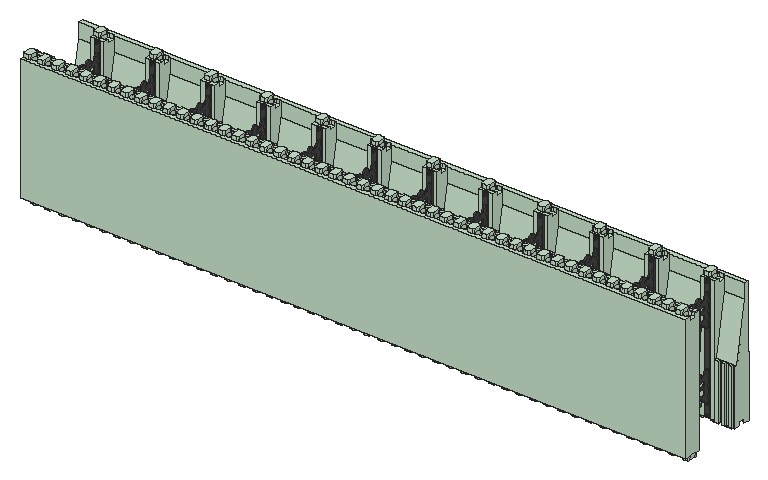
Revit family (continued)
Definition of nested family "6-inch Web"
  Forms (in)
    Extrusion 2, solid, material "Polypropylene- NUDURA"
      sketch origin (0, 0, 0) x (0, 1, 0) y (0, 0, 1)
        loop
          arc (-3.255, 0.12505) -> (-3.2092, 0.14243) -> (-3.19, 0.1875) r 0.0625
          line (-3.19, 0.1875) -> (-3.19, 17.8125)
      from -0.36328 to 0.36328
Definition of nested family "NUDURA Diamond Pattern"
  Reference planes (in)
    plane 1 "Center (Front/Back)": y = 0
    plane 2: z = 0
    plane 3 "Center (Left/Right)": x = 0
    plane 4: z = 18
  Lines and regions (in)
    model lines
      curve 1: line (8, -5.625, 18) -> (8, -5.625, 0)
      curve 2: line (6, -5.625, 18) -> (6, -5.625, 0)
      curve 3: line (2, -5.625, 18) -> (2, -5.625, 0)
      curve 4: line (3.35367, -5.625, 16.98484) -> (3.69709, -5.625, 16.64142)
      curve 5: arc (3.35367, -5.625, 17.51517) -> (3.24384, -5.625, 17.25) -> (3.35367, -5.625, 16.98484) r 0.375
      curve 6: line (3.72867, -5.625, 17.89017) -> (3.35367, -5.625, 17.51517)
      curve 7: arc (4.259, -5.625, 17.89017) -> (3.99384, -5.625, 18) -> (3.72867, -5.625, 17.89017) r 0.375
      curve 8: line (4.634, -5.625, 17.51517) -> (4.259, -5.625, 17.89017)
      curve 9: arc (4.634, -5.625, 16.98484) -> (4.74384, -5.625, 17.25) -> (4.634, -5.625, 17.51517) r 0.375
      curve 10: line (4.29059, -5.625, 16.64142) -> (4.634, -5.625, 16.98484)
      curve 11: arc (4.17062, -5.625, 17.80178) -> (3.99384, -5.625, 17.875) -> (3.81706, -5.625, 17.80178) r 0.25
      curve 12: line (4.54562, -5.625, 17.42678) -> (4.17062, -5.625, 17.80178)
      curve 13: arc (4.54562, -5.625, 17.07322) -> (4.61884, -5.625, 17.25) -> (4.54562, -5.625, 17.42678) r 0.25
      curve 14: line (4.17062, -5.625, 16.69822) -> (4.54562, -5.625, 17.07322)
      curve 15: arc (3.81706, -5.625, 16.69822) -> (3.99384, -5.625, 16.625) -> (4.17062, -5.625, 16.69822) r 0.25
      curve 16: line (3.44206, -5.625, 17.07322) -> (3.81706, -5.625, 16.69822)
      curve 17: arc (3.44206, -5.625, 17.42678) -> (3.36884, -5.625, 17.25) -> (3.44206, -5.625, 17.07322) r 0.25
      curve 18: line (3.81706, -5.625, 17.80178) -> (3.44206, -5.625, 17.42678)
      curve 19: arc (3.69709, -5.625, 16.35858) -> (3.75567, -5.625, 16.5) -> (3.69709, -5.625, 16.64142) r 0.2
      curve 20: line (4.634, -5.625, 16.01517) -> (4.29059, -5.625, 16.35858)
      curve 21: arc (4.634, -5.625, 15.48484) -> (4.74384, -5.625, 15.75) -> (4.634, -5.625, 16.01517) r 0.375
      curve 22: line (4.29059, -5.625, 15.14142) -> (4.634, -5.625, 15.48484)
      curve 23: line (3.35367, -5.625, 15.48484) -> (3.69709, -5.625, 15.14142)
      curve 24: arc (3.35367, -5.625, 16.01517) -> (3.24384, -5.625, 15.75) -> (3.35367, -5.625, 15.48484) r 0.375
      curve 25: line (3.69709, -5.625, 16.35858) -> (3.35367, -5.625, 16.01517)
      curve 26: arc (4.17062, -5.625, 16.30178) -> (3.99384, -5.625, 16.375) -> (3.81706, -5.625, 16.30178) r 0.25
      curve 27: line (3.81706, -5.625, 16.30178) -> (3.44206, -5.625, 15.92678)
      curve 28: arc (3.44206, -5.625, 15.92678) -> (3.36884, -5.625, 15.75) -> (3.44206, -5.625, 15.57322) r 0.25
      curve 29: line (3.44206, -5.625, 15.57322) -> (3.81706, -5.625, 15.19822)
      curve 30: arc (3.81706, -5.625, 15.19822) -> (3.99384, -5.625, 15.125) -> (4.17062, -5.625, 15.19822) r 0.25
      curve 31: line (4.17062, -5.625, 15.19822) -> (4.54562, -5.625, 15.57322)
      curve 32: arc (4.54562, -5.625, 15.57322) -> (4.61884, -5.625, 15.75) -> (4.54562, -5.625, 15.92678) r 0.25
      curve 33: line (4.54562, -5.625, 15.92678) -> (4.17062, -5.625, 16.30178)
      curve 34: arc (3.69709, -5.625, 14.85858) -> (3.75567, -5.625, 15) -> (3.69709, -5.625, 15.14142) r 0.2
      curve 35: line (4.634, -5.625, 14.51517) -> (4.29059, -5.625, 14.85858)
      curve 36: arc (4.634, -5.625, 13.98484) -> (4.74384, -5.625, 14.25) -> (4.634, -5.625, 14.51517) r 0.375
      curve 37: line (4.29059, -5.625, 13.64142) -> (4.634, -5.625, 13.98484)
      curve 38: line (3.35367, -5.625, 13.98484) -> (3.69709, -5.625, 13.64142)
      curve 39: arc (3.35367, -5.625, 14.51517) -> (3.24384, -5.625, 14.25) -> (3.35367, -5.625, 13.98484) r 0.375
      curve 40: line (3.69709, -5.625, 14.85858) -> (3.35367, -5.625, 14.51517)
      curve 41: arc (4.17062, -5.625, 14.80178) -> (3.99384, -5.625, 14.875) -> (3.81706, -5.625, 14.80178) r 0.25
      curve 42: line (3.81706, -5.625, 14.80178) -> (3.44206, -5.625, 14.42678)
      curve 43: arc (3.44206, -5.625, 14.42678) -> (3.36884, -5.625, 14.25) -> (3.44206, -5.625, 14.07322) r 0.25
      curve 44: line (3.44206, -5.625, 14.07322) -> (3.81706, -5.625, 13.69822)
      curve 45: arc (3.81706, -5.625, 13.69822) -> (3.99384, -5.625, 13.625) -> (4.17062, -5.625, 13.69822) r 0.25
      curve 46: line (4.17062, -5.625, 13.69822) -> (4.54562, -5.625, 14.07322)
      curve 47: arc (4.54562, -5.625, 14.07322) -> (4.61884, -5.625, 14.25) -> (4.54562, -5.625, 14.42678) r 0.25
      curve 48: line (4.54562, -5.625, 14.42678) -> (4.17062, -5.625, 14.80178)
      curve 49: arc (3.69709, -5.625, 13.35858) -> (3.75567, -5.625, 13.5) -> (3.69709, -5.625, 13.64142) r 0.2
      curve 50: line (4.634, -5.625, 13.01517) -> (4.29059, -5.625, 13.35858)
      curve 51: arc (4.634, -5.625, 12.48484) -> (4.74384, -5.625, 12.75) -> (4.634, -5.625, 13.01517) r 0.375
      curve 52: line (4.29059, -5.625, 12.14142) -> (4.634, -5.625, 12.48484)
      curve 53: line (3.35367, -5.625, 12.48484) -> (3.69709, -5.625, 12.14142)
      curve 54: arc (3.35367, -5.625, 13.01517) -> (3.24384, -5.625, 12.75) -> (3.35367, -5.625, 12.48484) r 0.375
      curve 55: line (3.69709, -5.625, 13.35858) -> (3.35367, -5.625, 13.01517)
      curve 56: arc (4.17062, -5.625, 13.30178) -> (3.99384, -5.625, 13.375) -> (3.81706, -5.625, 13.30178) r 0.25
      curve 57: line (3.81706, -5.625, 13.30178) -> (3.44206, -5.625, 12.92678)
      curve 58: arc (3.44206, -5.625, 12.92678) -> (3.36884, -5.625, 12.75) -> (3.44206, -5.625, 12.57322) r 0.25
      curve 59: line (3.44206, -5.625, 12.57322) -> (3.81706, -5.625, 12.19822)
      curve 60: arc (3.81706, -5.625, 12.19822) -> (3.99384, -5.625, 12.125) -> (4.17062, -5.625, 12.19822) r 0.25
      curve 61: line (4.17062, -5.625, 12.19822) -> (4.54562, -5.625, 12.57322)
      curve 62: arc (4.54562, -5.625, 12.57322) -> (4.61884, -5.625, 12.75) -> (4.54562, -5.625, 12.92678) r 0.25
      curve 63: line (4.54562, -5.625, 12.92678) -> (4.17062, -5.625, 13.30178)
      curve 64: arc (3.69709, -5.625, 11.85858) -> (3.75567, -5.625, 12) -> (3.69709, -5.625, 12.14142) r 0.2
      curve 65: line (4.634, -5.625, 11.51517) -> (4.29059, -5.625, 11.85858)
      curve 66: arc (4.634, -5.625, 10.98484) -> (4.74384, -5.625, 11.25) -> (4.634, -5.625, 11.51517) r 0.375
      curve 67: line (4.29059, -5.625, 10.64142) -> (4.634, -5.625, 10.98484)
      curve 68: line (3.35367, -5.625, 10.98484) -> (3.69709, -5.625, 10.64142)
      curve 69: arc (3.35367, -5.625, 11.51517) -> (3.24384, -5.625, 11.25) -> (3.35367, -5.625, 10.98484) r 0.375
      curve 70: line (3.69709, -5.625, 11.85858) -> (3.35367, -5.625, 11.51517)
      curve 71: arc (4.17062, -5.625, 11.80178) -> (3.99384, -5.625, 11.875) -> (3.81706, -5.625, 11.80178) r 0.25
      curve 72: line (3.81706, -5.625, 11.80178) -> (3.44206, -5.625, 11.42678)
      curve 73: arc (3.44206, -5.625, 11.42678) -> (3.36884, -5.625, 11.25) -> (3.44206, -5.625, 11.07322) r 0.25
      curve 74: line (3.44206, -5.625, 11.07322) -> (3.81706, -5.625, 10.69822)
      curve 75: arc (3.81706, -5.625, 10.69822) -> (3.99384, -5.625, 10.625) -> (4.17062, -5.625, 10.69822) r 0.25
      curve 76: line (4.17062, -5.625, 10.69822) -> (4.54562, -5.625, 11.07322)
      curve 77: arc (4.54562, -5.625, 11.07322) -> (4.61884, -5.625, 11.25) -> (4.54562, -5.625, 11.42678) r 0.25
      curve 78: line (4.54562, -5.625, 11.42678) -> (4.17062, -5.625, 11.80178)
      curve 79: arc (3.69709, -5.625, 10.35858) -> (3.75567, -5.625, 10.5) -> (3.69709, -5.625, 10.64142) r 0.2
      curve 80: line (4.634, -5.625, 10.01517) -> (4.29059, -5.625, 10.35858)
      curve 81: arc (4.634, -5.625, 9.48484) -> (4.74384, -5.625, 9.75) -> (4.634, -5.625, 10.01517) r 0.375
      curve 82: line (4.29059, -5.625, 9.14142) -> (4.634, -5.625, 9.48484)
      curve 83: line (3.35367, -5.625, 9.48484) -> (3.69709, -5.625, 9.14142)
      curve 84: arc (3.35367, -5.625, 10.01517) -> (3.24384, -5.625, 9.75) -> (3.35367, -5.625, 9.48484) r 0.375
      curve 85: line (3.69709, -5.625, 10.35858) -> (3.35367, -5.625, 10.01517)
      curve 86: arc (4.17062, -5.625, 10.30178) -> (3.99384, -5.625, 10.375) -> (3.81706, -5.625, 10.30178) r 0.25
      curve 87: line (3.81706, -5.625, 10.30178) -> (3.44206, -5.625, 9.92678)
      curve 88: arc (3.44206, -5.625, 9.92678) -> (3.36884, -5.625, 9.75) -> (3.44206, -5.625, 9.57322) r 0.25
      curve 89: line (3.44206, -5.625, 9.57322) -> (3.81706, -5.625, 9.19822)
      curve 90: arc (3.81706, -5.625, 9.19822) -> (3.99384, -5.625, 9.125) -> (4.17062, -5.625, 9.19822) r 0.25
      curve 91: line (4.17062, -5.625, 9.19822) -> (4.54562, -5.625, 9.57322)
      curve 92: arc (4.54562, -5.625, 9.57322) -> (4.61884, -5.625, 9.75) -> (4.54562, -5.625, 9.92678) r 0.25
      curve 93: line (4.54562, -5.625, 9.92678) -> (4.17062, -5.625, 10.30178)
      curve 94: arc (3.69709, -5.625, 8.85858) -> (3.75567, -5.625, 9) -> (3.69709, -5.625, 9.14142) r 0.2
      curve 95: line (4.634, -5.625, 8.51517) -> (4.29059, -5.625, 8.85858)
      curve 96: arc (4.634, -5.625, 7.98484) -> (4.74384, -5.625, 8.25) -> (4.634, -5.625, 8.51517) r 0.375
      curve 97: line (4.29059, -5.625, 7.64142) -> (4.634, -5.625, 7.98484)
      curve 98: line (3.35367, -5.625, 7.98484) -> (3.69709, -5.625, 7.64142)
      curve 99: arc (3.35367, -5.625, 8.51517) -> (3.24384, -5.625, 8.25) -> (3.35367, -5.625, 7.98484) r 0.375
      curve 100: line (3.69709, -5.625, 8.85858) -> (3.35367, -5.625, 8.51517)
      curve 101: arc (4.17062, -5.625, 8.80178) -> (3.99384, -5.625, 8.875) -> (3.81706, -5.625, 8.80178) r 0.25
      curve 102: line (3.81706, -5.625, 8.80178) -> (3.44206, -5.625, 8.42678)
      curve 103: arc (3.44206, -5.625, 8.42678) -> (3.36884, -5.625, 8.25) -> (3.44206, -5.625, 8.07322) r 0.25
      curve 104: line (3.44206, -5.625, 8.07322) -> (3.81706, -5.625, 7.69822)
      curve 105: arc (3.81706, -5.625, 7.69822) -> (3.99384, -5.625, 7.625) -> (4.17062, -5.625, 7.69822) r 0.25
      curve 106: line (4.17062, -5.625, 7.69822) -> (4.54562, -5.625, 8.07322)
      curve 107: arc (4.54562, -5.625, 8.07322) -> (4.61884, -5.625, 8.25) -> (4.54562, -5.625, 8.42678) r 0.25
      curve 108: line (4.54562, -5.625, 8.42678) -> (4.17062, -5.625, 8.80178)
      curve 109: arc (3.69709, -5.625, 7.35858) -> (3.75567, -5.625, 7.5) -> (3.69709, -5.625, 7.64142) r 0.2
      curve 110: line (4.634, -5.625, 7.01517) -> (4.29059, -5.625, 7.35858)
      curve 111: arc (4.634, -5.625, 6.48484) -> (4.74384, -5.625, 6.75) -> (4.634, -5.625, 7.01517) r 0.375
      curve 112: line (4.29059, -5.625, 6.14142) -> (4.634, -5.625, 6.48484)
      curve 113: line (3.35367, -5.625, 6.48484) -> (3.69709, -5.625, 6.14142)
      curve 114: arc (3.35367, -5.625, 7.01517) -> (3.24384, -5.625, 6.75) -> (3.35367, -5.625, 6.48484) r 0.375
      curve 115: line (3.69709, -5.625, 7.35858) -> (3.35367, -5.625, 7.01517)
      curve 116: arc (4.17062, -5.625, 7.30178) -> (3.99384, -5.625, 7.375) -> (3.81706, -5.625, 7.30178) r 0.25
      curve 117: line (3.81706, -5.625, 7.30178) -> (3.44206, -5.625, 6.92678)
      curve 118: arc (3.44206, -5.625, 6.92678) -> (3.36884, -5.625, 6.75) -> (3.44206, -5.625, 6.57322) r 0.25
      curve 119: line (3.44206, -5.625, 6.57322) -> (3.81706, -5.625, 6.19822)
      curve 120: arc (3.81706, -5.625, 6.19822) -> (3.99384, -5.625, 6.125) -> (4.17062, -5.625, 6.19822) r 0.25
      curve 121: line (4.17062, -5.625, 6.19822) -> (4.54562, -5.625, 6.57322)
      curve 122: arc (4.54562, -5.625, 6.57322) -> (4.61884, -5.625, 6.75) -> (4.54562, -5.625, 6.92678) r 0.25
      curve 123: line (4.54562, -5.625, 6.92678) -> (4.17062, -5.625, 7.30178)
      curve 124: arc (3.69709, -5.625, 5.85858) -> (3.75567, -5.625, 6) -> (3.69709, -5.625, 6.14142) r 0.2
      curve 125: line (4.634, -5.625, 5.51517) -> (4.29059, -5.625, 5.85858)
      curve 126: arc (4.634, -5.625, 4.98484) -> (4.74384, -5.625, 5.25) -> (4.634, -5.625, 5.51517) r 0.375
      curve 127: line (4.29059, -5.625, 4.64142) -> (4.634, -5.625, 4.98484)
      curve 128: line (3.35367, -5.625, 4.98484) -> (3.69709, -5.625, 4.64142)
      curve 129: arc (3.35367, -5.625, 5.51517) -> (3.24384, -5.625, 5.25) -> (3.35367, -5.625, 4.98484) r 0.375
      curve 130: line (3.69709, -5.625, 5.85858) -> (3.35367, -5.625, 5.51517)
      curve 131: arc (4.17062, -5.625, 5.80178) -> (3.99384, -5.625, 5.875) -> (3.81706, -5.625, 5.80178) r 0.25
      curve 132: line (3.81706, -5.625, 5.80178) -> (3.44206, -5.625, 5.42678)
      curve 133: arc (3.44206, -5.625, 5.42678) -> (3.36884, -5.625, 5.25) -> (3.44206, -5.625, 5.07322) r 0.25
      curve 134: line (3.44206, -5.625, 5.07322) -> (3.81706, -5.625, 4.69822)
      curve 135: arc (3.81706, -5.625, 4.69822) -> (3.99384, -5.625, 4.625) -> (4.17062, -5.625, 4.69822) r 0.25
      curve 136: line (4.17062, -5.625, 4.69822) -> (4.54562, -5.625, 5.07322)
      curve 137: arc (4.54562, -5.625, 5.07322) -> (4.61884, -5.625, 5.25) -> (4.54562, -5.625, 5.42678) r 0.25
      curve 138: line (4.54562, -5.625, 5.42678) -> (4.17062, -5.625, 5.80178)
      curve 139: arc (3.69709, -5.625, 4.35858) -> (3.75567, -5.625, 4.5) -> (3.69709, -5.625, 4.64142) r 0.2
      curve 140: line (4.634, -5.625, 4.01517) -> (4.29059, -5.625, 4.35858)
      curve 141: arc (4.634, -5.625, 3.48484) -> (4.74384, -5.625, 3.75) -> (4.634, -5.625, 4.01517) r 0.375
      curve 142: line (4.29059, -5.625, 3.14142) -> (4.634, -5.625, 3.48484)
      curve 143: line (3.35367, -5.625, 3.48484) -> (3.69709, -5.625, 3.14142)
      curve 144: arc (3.35367, -5.625, 4.01517) -> (3.24384, -5.625, 3.75) -> (3.35367, -5.625, 3.48484) r 0.375
      curve 145: line (3.69709, -5.625, 4.35858) -> (3.35367, -5.625, 4.01517)
      curve 146: arc (4.17062, -5.625, 4.30178) -> (3.99384, -5.625, 4.375) -> (3.81706, -5.625, 4.30178) r 0.25
      curve 147: line (3.81706, -5.625, 4.30178) -> (3.44206, -5.625, 3.92678)
      curve 148: arc (3.44206, -5.625, 3.92678) -> (3.36884, -5.625, 3.75) -> (3.44206, -5.625, 3.57322) r 0.25
      curve 149: line (3.44206, -5.625, 3.57322) -> (3.81706, -5.625, 3.19822)
      curve 150: arc (3.81706, -5.625, 3.19822) -> (3.99384, -5.625, 3.125) -> (4.17062, -5.625, 3.19822) r 0.25
      curve 151: line (4.17062, -5.625, 3.19822) -> (4.54562, -5.625, 3.57322)
      curve 152: arc (4.54562, -5.625, 3.57322) -> (4.61884, -5.625, 3.75) -> (4.54562, -5.625, 3.92678) r 0.25
      curve 153: line (4.54562, -5.625, 3.92678) -> (4.17062, -5.625, 4.30178)
      curve 154: arc (3.69709, -5.625, 2.85858) -> (3.75567, -5.625, 3) -> (3.69709, -5.625, 3.14142) r 0.2
      curve 155: line (4.634, -5.625, 2.51517) -> (4.29059, -5.625, 2.85858)
      curve 156: arc (4.634, -5.625, 1.98484) -> (4.74384, -5.625, 2.25) -> (4.634, -5.625, 2.51517) r 0.375
      curve 157: line (4.29059, -5.625, 1.64142) -> (4.634, -5.625, 1.98484)
      curve 158: line (3.35367, -5.625, 1.98484) -> (3.69709, -5.625, 1.64142)
      curve 159: arc (3.35367, -5.625, 2.51517) -> (3.24384, -5.625, 2.25) -> (3.35367, -5.625, 1.98484) r 0.375
      curve 160: line (3.69709, -5.625, 2.85858) -> (3.35367, -5.625, 2.51517)
      curve 161: arc (4.17062, -5.625, 2.80178) -> (3.99384, -5.625, 2.875) -> (3.81706, -5.625, 2.80178) r 0.25
      curve 162: line (3.81706, -5.625, 2.80178) -> (3.44206, -5.625, 2.42678)
      curve 163: arc (3.44206, -5.625, 2.42678) -> (3.36884, -5.625, 2.25) -> (3.44206, -5.625, 2.07322) r 0.25
      curve 164: line (3.44206, -5.625, 2.07322) -> (3.81706, -5.625, 1.69822)
      curve 165: arc (3.81706, -5.625, 1.69822) -> (3.99384, -5.625, 1.625) -> (4.17062, -5.625, 1.69822) r 0.25
      curve 166: line (4.17062, -5.625, 1.69822) -> (4.54562, -5.625, 2.07322)
      curve 167: arc (4.54562, -5.625, 2.07322) -> (4.61884, -5.625, 2.25) -> (4.54562, -5.625, 2.42678) r 0.25
      curve 168: line (4.54562, -5.625, 2.42678) -> (4.17062, -5.625, 2.80178)
      curve 169: arc (3.69709, -5.625, 1.35858) -> (3.75567, -5.625, 1.5) -> (3.69709, -5.625, 1.64142) r 0.2
      curve 170: line (3.69709, -5.625, 1.35858) -> (3.35367, -5.625, 1.01517)
      curve 171: arc (3.35367, -5.625, 1.01517) -> (3.24384, -5.625, 0.75) -> (3.35367, -5.625, 0.48484) r 0.375
      curve 172: line (3.35367, -5.625, 0.48484) -> (3.72867, -5.625, 0.10984)
      curve 173: arc (3.72867, -5.625, 0.10984) -> (3.99384, -5.625, 0) -> (4.259, -5.625, 0.10984) r 0.375
      curve 174: line (4.259, -5.625, 0.10984) -> (4.634, -5.625, 0.48484)
      curve 175: arc (4.634, -5.625, 0.48484) -> (4.74384, -5.625, 0.75) -> (4.634, -5.625, 1.01517) r 0.375
      curve 176: line (4.634, -5.625, 1.01517) -> (4.29059, -5.625, 1.35858)
      curve 177: arc (4.29059, -5.625, 1.64142) -> (4.23201, -5.625, 1.5) -> (4.29059, -5.625, 1.35858) r 0.2
      curve 178: arc (4.17062, -5.625, 1.30178) -> (3.99384, -5.625, 1.375) -> (3.81706, -5.625, 1.30178) r 0.25
      curve 179: line (4.54562, -5.625, 0.92678) -> (4.17062, -5.625, 1.30178)
      curve 180: arc (4.54562, -5.625, 0.57322) -> (4.61884, -5.625, 0.75) -> (4.54562, -5.625, 0.92678) r 0.25
      curve 181: line (4.17062, -5.625, 0.19822) -> (4.54562, -5.625, 0.57322)
      curve 182: arc (3.81706, -5.625, 0.19822) -> (3.99384, -5.625, 0.125) -> (4.17062, -5.625, 0.19822) r 0.25
      curve 183: line (3.44206, -5.625, 0.57322) -> (3.81706, -5.625, 0.19822)
      curve 184: arc (3.44206, -5.625, 0.92678) -> (3.36884, -5.625, 0.75) -> (3.44206, -5.625, 0.57322) r 0.25
      curve 185: line (3.81706, -5.625, 1.30178) -> (3.44206, -5.625, 0.92678)
      curve 186: arc (4.29059, -5.625, 3.14142) -> (4.23201, -5.625, 3) -> (4.29059, -5.625, 2.85858) r 0.2
      curve 187: arc (4.29059, -5.625, 4.64142) -> (4.23201, -5.625, 4.5) -> (4.29059, -5.625, 4.35858) r 0.2
      curve 188: arc (4.29059, -5.625, 6.14142) -> (4.23201, -5.625, 6) -> (4.29059, -5.625, 5.85858) r 0.2
      curve 189: arc (4.29059, -5.625, 7.64142) -> (4.23201, -5.625, 7.5) -> (4.29059, -5.625, 7.35858) r 0.2
      curve 190: arc (4.29059, -5.625, 9.14142) -> (4.23201, -5.625, 9) -> (4.29059, -5.625, 8.85858) r 0.2
      curve 191: arc (4.29059, -5.625, 10.64142) -> (4.23201, -5.625, 10.5) -> (4.29059, -5.625, 10.35858) r 0.2
      curve 192: arc (4.29059, -5.625, 12.14142) -> (4.23201, -5.625, 12) -> (4.29059, -5.625, 11.85858) r 0.2
      curve 193: arc (4.29059, -5.625, 13.64142) -> (4.23201, -5.625, 13.5) -> (4.29059, -5.625, 13.35858) r 0.2
      curve 194: arc (4.29059, -5.625, 15.14142) -> (4.23201, -5.625, 15) -> (4.29059, -5.625, 14.85858) r 0.2
      curve 195: arc (4.29059, -5.625, 16.64142) -> (4.23201, -5.625, 16.5) -> (4.29059, -5.625, 16.35858) r 0.2
Definition of nested family "NUDURA Logo Diamond"
  Reference planes (in)
    plane 1 "Center (Front/Back)": y = 0
    plane 2: z = 0
    plane 3 "Center (Left/Right)": x = 0
  Lines and regions (in)
    model lines
      curve 1: line (12.59848, 0, 17.50104) -> (12.24492, 0, 17.85459)
      curve 2: line (12.36113, 0, 16.76872) -> (12.59848, 0, 17.00607)
      curve 3: line (12.59848, 0, 16.00104) -> (12.36113, 0, 16.23839)
      curve 4: line (12.36113, 0, 15.26872) -> (12.59848, 0, 15.50607)
      curve 5: line (12.59848, 0, 14.50104) -> (12.36113, 0, 14.73839)
      curve 6: line (12.36113, 0, 13.76872) -> (12.59848, 0, 14.00607)
      curve 7: line (12.17421, 0, 13.28388) -> (12.71208, 0, 12.74602)
      curve 8: line (12.71208, 0, 12.74602) -> (12.78279, 0, 12.81673)
      curve 9: line (11.28279, 0, 12.74602) -> (11.82066, 0, 13.28388)
      curve 10: line (11.63374, 0, 13.23839) -> (11.21208, 0, 12.81673)
      curve 11: line (11.3964, 0, 14.00607) -> (11.63374, 0, 13.76872)
      curve 12: line (11.63374, 0, 14.73839) -> (11.3964, 0, 14.50104)
      curve 13: line (11.3964, 0, 15.50607) -> (11.63374, 0, 15.26872)
      curve 14: line (11.63374, 0, 16.23839) -> (11.3964, 0, 16.00104)
      curve 15: line (11.3964, 0, 17.00607) -> (11.63374, 0, 16.76872)
      curve 16: line (11.74995, 0, 17.85459) -> (11.3964, 0, 17.50104)
      curve 17: line (11.82066, 0, 17.78388) -> (11.46711, 0, 17.43033)
      curve 18: line (12.52777, 0, 17.43033) -> (12.17421, 0, 17.78388)
      curve 19: line (12.17421, 0, 16.72322) -> (12.52777, 0, 17.07678)
      curve 20: line (11.46711, 0, 17.07678) -> (11.82066, 0, 16.72322)
      curve 21: arc (11.3964, 0, 17.50104) -> (11.29388, 0, 17.25355) -> (11.3964, 0, 17.00607) r 0.35
      curve 22: arc (11.74995, 0, 17.85459) -> (11.99744, 0, 17.95711) -> (12.24492, 0, 17.85459) r 0.35
      curve 23: arc (11.46711, 0, 17.43033) -> (11.39388, 0, 17.25355) -> (11.46711, 0, 17.07678) r 0.25
      curve 24: arc (12.52777, 0, 17.43033) -> (12.60099, 0, 17.25355) -> (12.52777, 0, 17.07678) r 0.25
      curve 25: arc (12.17421, 0, 16.72322) -> (11.99744, 0, 16.65) -> (11.82066, 0, 16.72322) r 0.25
      curve 26: arc (11.82066, 0, 17.78388) -> (11.99744, 0, 17.85711) -> (12.17421, 0, 17.78388) r 0.25
      curve 27: arc (12.59848, 0, 17.50104) -> (12.70099, 0, 17.25355) -> (12.59848, 0, 17.00607) r 0.35
      curve 28: arc (11.63374, 0, 16.76872) -> (11.74358, 0, 16.50355) -> (11.63374, 0, 16.23839) r 0.375
      curve 29: arc (12.36113, 0, 16.76872) -> (12.2513, 0, 16.50355) -> (12.36113, 0, 16.23839) r 0.375
      curve 30: line (12.36113, 0, 15.26872) -> (12.59848, 0, 15.50607)
      curve 31: line (11.3964, 0, 15.50607) -> (11.63374, 0, 15.26872)
      curve 32: line (11.82066, 0, 16.28388) -> (11.46711, 0, 15.93033)
      curve 33: line (12.52777, 0, 15.93033) -> (12.17421, 0, 16.28388)
      curve 34: line (12.17421, 0, 15.22322) -> (12.52777, 0, 15.57678)
      curve 35: line (11.46711, 0, 15.57678) -> (11.82066, 0, 15.22322)
      curve 36: arc (11.3964, 0, 16.00104) -> (11.29388, 0, 15.75355) -> (11.3964, 0, 15.50607) r 0.35
      curve 37: arc (11.46711, 0, 15.93033) -> (11.39388, 0, 15.75355) -> (11.46711, 0, 15.57678) r 0.25
      curve 38: arc (12.52777, 0, 15.93033) -> (12.60099, 0, 15.75355) -> (12.52777, 0, 15.57678) r 0.25
      curve 39: arc (12.17421, 0, 15.22322) -> (11.99744, 0, 15.15) -> (11.82066, 0, 15.22322) r 0.25
      curve 40: arc (11.82066, 0, 16.28388) -> (11.99744, 0, 16.35711) -> (12.17421, 0, 16.28388) r 0.25
      curve 41: arc (12.59848, 0, 16.00104) -> (12.70099, 0, 15.75355) -> (12.59848, 0, 15.50607) r 0.35
      curve 42: line (11.63374, 0, 16.23839) -> (11.3964, 0, 16.00104)
      curve 43: line (12.59848, 0, 16.00104) -> (12.36113, 0, 16.23839)
      curve 44: arc (11.63374, 0, 15.26872) -> (11.74358, 0, 15.00355) -> (11.63374, 0, 14.73839) r 0.375
      curve 45: arc (12.36113, 0, 15.26872) -> (12.2513, 0, 15.00355) -> (12.36113, 0, 14.73839) r 0.375
      curve 46: line (12.36113, 0, 13.76872) -> (12.59848, 0, 14.00607)
      curve 47: line (11.3964, 0, 14.00607) -> (11.63374, 0, 13.76872)
      curve 48: line (11.82066, 0, 14.78388) -> (11.46711, 0, 14.43033)
      curve 49: line (12.52777, 0, 14.43033) -> (12.17421, 0, 14.78388)
      curve 50: line (12.17421, 0, 13.72322) -> (12.52777, 0, 14.07678)
      curve 51: line (11.46711, 0, 14.07678) -> (11.82066, 0, 13.72322)
      curve 52: arc (11.3964, 0, 14.50104) -> (11.29388, 0, 14.25355) -> (11.3964, 0, 14.00607) r 0.35
      curve 53: arc (11.46711, 0, 14.43033) -> (11.39388, 0, 14.25355) -> (11.46711, 0, 14.07678) r 0.25
      curve 54: arc (12.52777, 0, 14.43033) -> (12.60099, 0, 14.25355) -> (12.52777, 0, 14.07678) r 0.25
      curve 55: arc (12.17421, 0, 13.72322) -> (11.99744, 0, 13.65) -> (11.82066, 0, 13.72322) r 0.25
      curve 56: arc (11.82066, 0, 14.78388) -> (11.99744, 0, 14.85711) -> (12.17421, 0, 14.78388) r 0.25
      curve 57: arc (12.59848, 0, 14.50104) -> (12.70099, 0, 14.25355) -> (12.59848, 0, 14.00607) r 0.35
      curve 58: line (11.63374, 0, 14.73839) -> (11.3964, 0, 14.50104)
      curve 59: arc (11.63374, 0, 13.76872) -> (11.74358, 0, 13.50355) -> (11.63374, 0, 13.23839) r 0.375
      curve 60: arc (12.36113, 0, 13.76872) -> (12.2513, 0, 13.50355) -> (12.36113, 0, 13.23839) r 0.375
      curve 61: line (12.78279, 0, 12.81673) -> (12.36113, 0, 13.23839)
      curve 62: line (11.21208, 0, 12.81673) -> (11.28279, 0, 12.74602)
      curve 63: arc (11.82066, 0, 13.28388) -> (11.99744, 0, 13.35711) -> (12.17421, 0, 13.28388) r 0.25
      curve 64: line (12.59848, 0, 0.50607) -> (12.24492, 0, 0.15251)
      curve 65: line (12.36113, 0, 1.23839) -> (12.59848, 0, 1.00104)
      curve 66: line (12.59848, 0, 2.00607) -> (12.36113, 0, 1.76872)
      curve 67: line (12.36113, 0, 2.73839) -> (12.59848, 0, 2.50104)
      curve 68: line (12.59848, 0, 3.50607) -> (12.36113, 0, 3.26872)
      curve 69: line (12.36113, 0, 4.23839) -> (12.59848, 0, 4.00104)
      curve 70: line (12.17421, 0, 4.72322) -> (12.71208, 0, 5.26109)
      curve 71: line (12.71208, 0, 5.26109) -> (12.78279, 0, 5.19038)
      curve 72: line (11.28279, 0, 5.26109) -> (11.82066, 0, 4.72322)
      curve 73: line (11.63374, 0, 4.76872) -> (11.21208, 0, 5.19038)
      curve 74: line (11.3964, 0, 4.00104) -> (11.63374, 0, 4.23839)
      curve 75: line (11.63374, 0, 3.26872) -> (11.3964, 0, 3.50607)
      curve 76: line (11.3964, 0, 2.50104) -> (11.63374, 0, 2.73839)
      curve 77: line (11.63374, 0, 1.76872) -> (11.3964, 0, 2.00607)
      curve 78: line (11.3964, 0, 1.00104) -> (11.63374, 0, 1.23839)
      curve 79: line (11.74995, 0, 0.15251) -> (11.3964, 0, 0.50607)
      curve 80: line (11.82066, 0, 0.22322) -> (11.46711, 0, 0.57678)
      curve 81: line (12.52777, 0, 0.57678) -> (12.17421, 0, 0.22322)
      curve 82: line (12.17421, 0, 1.28388) -> (12.52777, 0, 0.93033)
      curve 83: line (11.46711, 0, 0.93033) -> (11.82066, 0, 1.28388)
      curve 84: arc (11.3964, 0, 0.50607) -> (11.29388, 0, 0.75355) -> (11.3964, 0, 1.00104) r 0.35
      curve 85: arc (11.74995, 0, 0.15251) -> (11.99744, 0, 0.05) -> (12.24492, 0, 0.15251) r 0.35
      curve 86: arc (11.46711, 0, 0.57678) -> (11.39388, 0, 0.75355) -> (11.46711, 0, 0.93033) r 0.25
      curve 87: arc (12.52777, 0, 0.57678) -> (12.60099, 0, 0.75355) -> (12.52777, 0, 0.93033) r 0.25
      curve 88: arc (12.17421, 0, 1.28388) -> (11.99744, 0, 1.35711) -> (11.82066, 0, 1.28388) r 0.25
      curve 89: arc (11.82066, 0, 0.22322) -> (11.99744, 0, 0.15) -> (12.17421, 0, 0.22322) r 0.25
      curve 90: arc (12.59848, 0, 0.50607) -> (12.70099, 0, 0.75355) -> (12.59848, 0, 1.00104) r 0.35
      curve 91: arc (11.63374, 0, 1.23839) -> (11.74358, 0, 1.50355) -> (11.63374, 0, 1.76872) r 0.375
      curve 92: arc (12.36113, 0, 1.23839) -> (12.2513, 0, 1.50355) -> (12.36113, 0, 1.76872) r 0.375
      curve 93: line (12.36113, 0, 2.73839) -> (12.59848, 0, 2.50104)
      curve 94: line (11.3964, 0, 2.50104) -> (11.63374, 0, 2.73839)
      curve 95: line (11.82066, 0, 1.72322) -> (11.46711, 0, 2.07678)
      curve 96: line (12.52777, 0, 2.07678) -> (12.17421, 0, 1.72322)
      curve 97: line (12.17421, 0, 2.78388) -> (12.52777, 0, 2.43033)
      curve 98: line (11.46711, 0, 2.43033) -> (11.82066, 0, 2.78388)
      curve 99: arc (11.3964, 0, 2.00607) -> (11.29388, 0, 2.25355) -> (11.3964, 0, 2.50104) r 0.35
      curve 100: arc (11.46711, 0, 2.07678) -> (11.39388, 0, 2.25355) -> (11.46711, 0, 2.43033) r 0.25
      curve 101: arc (12.52777, 0, 2.07678) -> (12.60099, 0, 2.25355) -> (12.52777, 0, 2.43033) r 0.25
      curve 102: arc (12.17421, 0, 2.78388) -> (11.99744, 0, 2.85711) -> (11.82066, 0, 2.78388) r 0.25
      curve 103: arc (11.82066, 0, 1.72322) -> (11.99744, 0, 1.65) -> (12.17421, 0, 1.72322) r 0.25
      curve 104: arc (12.59848, 0, 2.00607) -> (12.70099, 0, 2.25355) -> (12.59848, 0, 2.50104) r 0.35
      curve 105: line (11.63374, 0, 1.76872) -> (11.3964, 0, 2.00607)
      curve 106: line (12.59848, 0, 2.00607) -> (12.36113, 0, 1.76872)
      curve 107: arc (11.63374, 0, 2.73839) -> (11.74358, 0, 3.00355) -> (11.63374, 0, 3.26872) r 0.375
      curve 108: arc (12.36113, 0, 2.73839) -> (12.2513, 0, 3.00355) -> (12.36113, 0, 3.26872) r 0.375
      curve 109: line (12.36113, 0, 4.23839) -> (12.59848, 0, 4.00104)
      curve 110: line (11.3964, 0, 4.00104) -> (11.63374, 0, 4.23839)
      curve 111: line (11.82066, 0, 3.22322) -> (11.46711, 0, 3.57678)
      curve 112: line (12.52777, 0, 3.57678) -> (12.17421, 0, 3.22322)
      curve 113: line (12.17421, 0, 4.28388) -> (12.52777, 0, 3.93033)
      curve 114: line (11.46711, 0, 3.93033) -> (11.82066, 0, 4.28388)
      curve 115: arc (11.3964, 0, 3.50607) -> (11.29388, 0, 3.75355) -> (11.3964, 0, 4.00104) r 0.35
      curve 116: arc (11.46711, 0, 3.57678) -> (11.39388, 0, 3.75355) -> (11.46711, 0, 3.93033) r 0.25
      curve 117: arc (12.52777, 0, 3.57678) -> (12.60099, 0, 3.75355) -> (12.52777, 0, 3.93033) r 0.25
      curve 118: arc (12.17421, 0, 4.28388) -> (11.99744, 0, 4.35711) -> (11.82066, 0, 4.28388) r 0.25
      curve 119: arc (11.82066, 0, 3.22322) -> (11.99744, 0, 3.15) -> (12.17421, 0, 3.22322) r 0.25
      curve 120: arc (12.59848, 0, 3.50607) -> (12.70099, 0, 3.75355) -> (12.59848, 0, 4.00104) r 0.35
      curve 121: line (11.63374, 0, 3.26872) -> (11.3964, 0, 3.50607)
      curve 122: arc (11.63374, 0, 4.23839) -> (11.74358, 0, 4.50355) -> (11.63374, 0, 4.76872) r 0.375
      curve 123: arc (12.36113, 0, 4.23839) -> (12.2513, 0, 4.50355) -> (12.36113, 0, 4.76872) r 0.375
      curve 124: line (12.78279, 0, 5.19038) -> (12.36113, 0, 4.76872)
      curve 125: line (11.21208, 0, 5.19038) -> (11.28279, 0, 5.26109)
      curve 126: arc (11.82066, 0, 4.72322) -> (11.99744, 0, 4.65) -> (12.17421, 0, 4.72322) r 0.25
      curve 127: line (12.37244, 0, 12.50355) -> (11.62244, 0, 12.50355)
      curve 128: line (12.74744, 0, 5.87855) -> (12.74744, 0, 12.12855)
      curve 129: line (11.24744, 0, 12.12855) -> (11.24744, 0, 5.87855)
      curve 130: line (11.62244, 0, 5.50355) -> (12.37244, 0, 5.50355)
      curve 131: line (12.47232, 0, 12.00355) -> (12.0393, 0, 12.25355)
      curve 132: line (12.47232, 0, 11.50355) -> (12.47232, 0, 12.00355)
      curve 133: line (12.25581, 0, 11.37855) -> (12.47232, 0, 11.50355)
      curve 134: line (12.02256, 0, 11.51322) -> (12.25581, 0, 11.37855)
      curve 135: line (12.22232, 0, 11.62855) -> (12.02256, 0, 11.51322)
      curve 136: line (11.80605, 0, 12.11888) -> (12.22232, 0, 11.87855)
      curve 137: line (12.22232, 0, 11.87855) -> (12.22232, 0, 11.62855)
      curve 138: line (12.0393, 0, 12.25355) -> (11.80605, 0, 12.11888)
      curve 139: line (11.77256, 0, 11.63822) -> (11.97232, 0, 11.75355)
      curve 140: line (11.97232, 0, 11.75355) -> (11.73906, 0, 11.88822)
      curve 141: line (11.73906, 0, 11.88822) -> (11.52256, 0, 11.76322)
      curve 142: line (11.52256, 0, 11.76322) -> (11.52256, 0, 11.26322)
      curve 143: line (11.77256, 0, 11.38822) -> (11.77256, 0, 11.63822)
      curve 144: line (12.18882, 0, 11.14789) -> (11.77256, 0, 11.38822)
      curve 145: line (11.95557, 0, 11.01322) -> (12.18882, 0, 11.14789)
      curve 146: line (11.52256, 0, 11.26322) -> (11.95557, 0, 11.01322)
      curve 147: line (12.31108, 0, 10.60411) -> (11.68379, 0, 10.74458)
      curve 148: line (11.68379, 0, 10.74458) -> (11.68379, 0, 10.51321)
      curve 149: line (11.68379, 0, 10.51321) -> (12.1295, 0, 10.41405)
      curve 150: line (12.1295, 0, 10.41405) -> (11.68379, 0, 10.27358)
      curve 151: line (11.68379, 0, 10.27358) -> (11.68379, 0, 9.8852)
      curve 152: line (11.68379, 0, 9.8852) -> (12.17077, 0, 9.77615)
      curve 153: line (12.17077, 0, 9.77615) -> (12.17077, 0, 9.74472)
      curve 154: line (12.17077, 0, 9.74472) -> (11.86146, 0, 9.80279)
      curve 155: line (11.68379, 0, 9.65536) -> (11.68379, 0, 9.35864)
      curve 156: line (12.07077, 0, 8.74385) -> (12.07077, 0, 8.99996)
      curve 157: line (12.07077, 0, 8.99996) -> (11.68379, 0, 9.08605)
      curve 158: line (11.68379, 0, 9.08605) -> (11.68379, 0, 8.47809)
      curve 159: line (11.91823, 0, 9.06589) -> (12.31108, 0, 8.97792)
      curve 160: line (11.82444, 0, 8.55476) -> (11.82444, 0, 8.79865)
      curve 161: line (11.82444, 0, 8.79865) -> (12.07077, 0, 8.74385)
      curve 162: line (11.68379, 0, 8.07193) -> (11.68379, 0, 7.77522)
      curve 163: line (11.91823, 0, 7.48247) -> (12.21108, 0, 7.41688)
      curve 164: line (12.21108, 0, 7.41688) -> (12.21108, 0, 6.95405)
      curve 165: line (12.16108, 0, 6.90405) -> (12.12077, 0, 6.90405)
      curve 166: line (12.07077, 0, 6.95405) -> (12.07077, 0, 7.08675)
      curve 167: line (12.07077, 0, 7.08675) -> (12.12077, 0, 7.07556)
      curve 168: line (12.12077, 0, 7.07556) -> (12.12077, 0, 7.33463)
      curve 169: line (12.12077, 0, 7.33463) -> (11.68379, 0, 7.43249)
      curve 170: line (11.68379, 0, 7.43249) -> (11.68379, 0, 7.17341)
      curve 171: line (11.68379, 0, 7.17341) -> (11.97077, 0, 7.10915)
      curve 172: line (11.97077, 0, 7.10915) -> (11.97077, 0, 6.99425)
      curve 173: line (11.92077, 0, 6.94425) -> (11.68379, 0, 6.94425)
      curve 174: line (11.68379, 0, 6.94425) -> (11.68379, 0, 6.45682)
      curve 175: line (11.68379, 0, 6.45682) -> (11.78284, 0, 6.38658)
      curve 176: line (11.78284, 0, 6.38658) -> (11.78284, 0, 6.05178)
      curve 177: line (12.12371, 0, 6.14486) -> (11.88284, 0, 6.31567)
      curve 178: line (11.88284, 0, 6.31567) -> (11.88284, 0, 6.07909)
      curve 179: line (11.88284, 0, 6.07909) -> (12.12371, 0, 6.14486)
      curve 180: line (11.78284, 0, 6.05178) -> (11.68379, 0, 6.02474)
      curve 181: line (11.68379, 0, 6.02474) -> (11.68379, 0, 5.75355)
      curve 182: line (11.68379, 0, 5.75355) -> (12.31108, 0, 5.92483)
      curve 183: line (12.31108, 0, 5.92483) -> (12.31108, 0, 6.28791)
      curve 184: line (12.31108, 0, 6.28791) -> (11.76249, 0, 6.67694)
      curve 185: line (11.76249, 0, 6.67694) -> (11.90321, 0, 6.67694)
      curve 186: line (12.31108, 0, 6.78674) -> (12.31108, 0, 7.63562)
      curve 187: line (12.31108, 0, 7.63562) -> (11.90258, 0, 7.7271)
      curve 188: line (11.82444, 0, 7.82469) -> (11.82444, 0, 7.92839)
      curve 189: line (11.88536, 0, 7.97718) -> (12.31108, 0, 7.88185)
      curve 190: line (12.31108, 0, 7.88185) -> (12.31108, 0, 8.13496)
      curve 191: line (12.31108, 0, 8.13496) -> (12.08042, 0, 8.17826)
      curve 192: line (12.31108, 0, 8.38353) -> (12.31108, 0, 8.9465)
      curve 193: line (12.31108, 0, 8.9465) -> (12.17077, 0, 8.97771)
      curve 194: line (12.17077, 0, 8.97771) -> (12.17077, 0, 8.55476)
      curve 195: line (12.31108, 0, 8.97792) -> (12.31108, 0, 9.21905)
      curve 196: line (12.31108, 0, 9.21905) -> (11.90258, 0, 9.31053)
      curve 197: line (11.82444, 0, 9.40811) -> (11.82444, 0, 9.51182)
      curve 198: line (11.87938, 0, 9.56195) -> (12.31108, 0, 9.46528)
      curve 199: line (12.31108, 0, 9.46528) -> (12.31108, 0, 9.98469)
      curve 200: line (12.31108, 0, 9.98469) -> (11.90664, 0, 10.07526)
      curve 201: line (11.90664, 0, 10.07526) -> (12.31108, 0, 10.20747)
      curve 202: line (12.31108, 0, 10.20747) -> (12.31108, 0, 10.60411)
      curve 203: arc (11.68379, 0, 9.65536) -> (11.73801, 0, 9.7708) -> (11.86146, 0, 9.80279) r 0.15
      curve 204: arc (11.68379, 0, 9.35864) -> (11.74962, 0, 9.17112) -> (11.91823, 0, 9.06589) r 0.3
      curve 205: arc (11.84417, 0, 8.22149) -> (11.72718, 0, 8.32679) -> (11.68379, 0, 8.47809) r 0.28547
      curve 206: arc (11.68379, 0, 8.07193) -> (11.73147, 0, 8.18158) -> (11.84417, 0, 8.22149) r 0.14992
      curve 207: arc (11.68379, 0, 7.77522) -> (11.74962, 0, 7.58769) -> (11.91823, 0, 7.48247) r 0.3
      curve 208: arc (11.82444, 0, 7.82469) -> (11.84638, 0, 7.76218) -> (11.90258, 0, 7.7271) r 0.1
      curve 209: arc (11.82444, 0, 7.92839) -> (11.84318, 0, 7.96742) -> (11.88536, 0, 7.97718) r 0.05
      curve 210: arc (12.12077, 0, 6.90405) -> (12.08541, 0, 6.91869) -> (12.07077, 0, 6.95405) r 0.05
      curve 211: arc (12.16108, 0, 6.90405) -> (12.19644, 0, 6.91869) -> (12.21108, 0, 6.95405) r 0.05
      curve 212: arc (11.97077, 0, 6.99425) -> (11.95612, 0, 6.95889) -> (11.92077, 0, 6.94425) r 0.05
      curve 213: arc (11.90321, 0, 6.67694) -> (11.96756, 0, 6.70069) -> (12.00104, 0, 6.76055) r 0.09904
      curve 214: arc (12.00104, 0, 6.76055) -> (12.1681, 0, 6.63117) -> (12.31108, 0, 6.78674) r 0.15613
      curve 215: arc (12.08042, 0, 8.17826) -> (12.24181, 0, 8.22914) -> (12.31108, 0, 8.38353) r 0.20667
      curve 216: arc (11.82444, 0, 8.55476) -> (11.9976, 0, 8.3816) -> (12.17077, 0, 8.55476) r 0.17317
      curve 217: arc (11.82444, 0, 9.40811) -> (11.84638, 0, 9.34561) -> (11.90258, 0, 9.31053) r 0.1
      curve 218: arc (11.82444, 0, 9.51182) -> (11.8459, 0, 9.55306) -> (11.892, 0, 9.55913) r 0.05034
      curve 219: arc (11.24744, 0, 12.12855) -> (11.35727, 0, 12.39372) -> (11.62244, 0, 12.50355) r 0.375
      curve 220: arc (12.37244, 0, 12.50355) -> (12.6376, 0, 12.39372) -> (12.74744, 0, 12.12855) r 0.375
      curve 221: arc (11.24744, 0, 5.87855) -> (11.35727, 0, 5.61339) -> (11.62244, 0, 5.50355) r 0.375
      curve 222: arc (12.37244, 0, 5.50355) -> (12.6376, 0, 5.61339) -> (12.74744, 0, 5.87855) r 0.375
      curve 223: line (9.99744, 0, 18) -> (9.99744, 0, 0)
      curve 224: line (13.99744, 0, 18) -> (13.99744, 0, 0)
      curve 225: line (15.99744, 0, 18) -> (15.99744, 0, 0)
